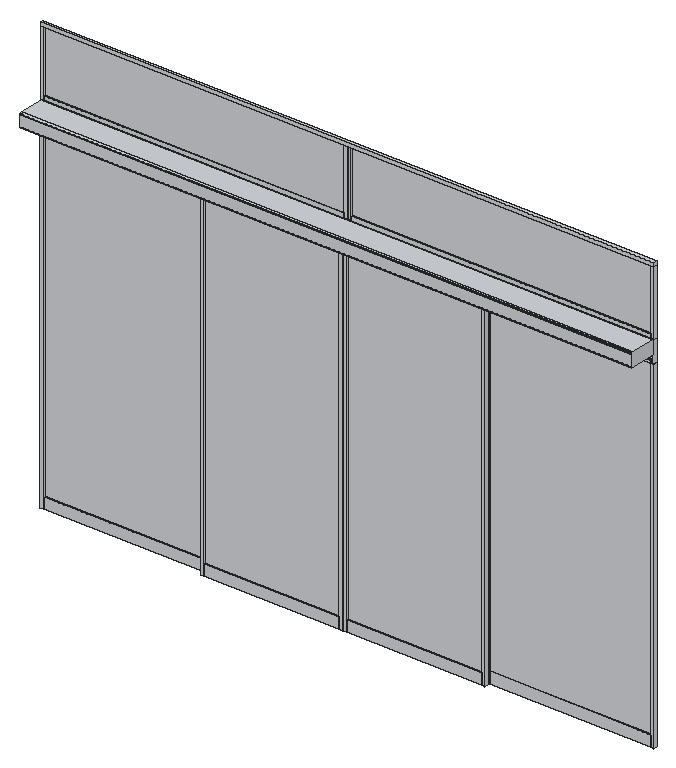
Revit family "SL510 Slim_SlimECO 2-Flg. m.Seitenteile – Laibungsmontage", category Türen, Revit 2018 (continued)
Definition of nested family "Sicherheitsflügel"
  Parameters (values of type "Sicherheitsflügel")
    PSFH = 2508 mm
    Height = 2000 mm
    Glas = none
    Familienversion = "1.0"  # constant formula
    Width = 2290 mm
  Reference planes
    plane 1 "Mitte (Vorne/hinten)": y = -20.5
    plane 2: z = 0
    plane 3 "Mitte (Links/rechts)": x = 0
    plane 4 "Links": x = -500
    plane 5 "Rechts": x = 500
    plane 6 "Oben": z = 2508
    plane 7: z = 8
    plane 8: y = -80.5
    plane 9: y = -70.5
    plane 10: y = -124.5
    plane 11: y = -114.5
    plane 12 "COW": x = -515
    plane 13: y = -110.5
    plane 14: y = -90.5
  Forms (mm)
    Extrusion 1, solid, material <- "Glas", visible <- "Schutzflügel - drehbar"
      sketch origin (0, 0, 0) x (1, 0, 0) y (0, 1, 0)
        loop
          line (-500, -70.5) -> (-500, -80.5) -> (500, -80.5) -> (500, -70.5) -> (-500, -70.5)
      from 8 to 2508 <- "PSFH"
    Extrusion 2, solid, material <- "Glas", visible <- "Schutzflügel - drehbar + Bodenschloß"
      sketch origin (0, -44, 0) x (1, 0, 0) y (0, 1, 0)
        loop
          line (-500, -70.5) -> (-500, -80.5) -> (500, -80.5) -> (500, -70.5) -> (-488, -70.5) -> (-488, -26.5) -> (-498, -26.5) -> (-498, -70.5) -> (-500, -70.5)
      from 8 to 2508 <- "PSFH"
    Extrusion 3, solid, material <- "Glas", visible <- "Schutzflügel - schiebbar"
      sketch origin (0, -20, 0) x (1, 0, 0) y (0, 1, 0)
        loop
          line (-500, -70.5) -> (-500, -90.5) -> (500, -90.5) -> (500, -70.5) -> (-500, -70.5)
      from 8 to 2508 <- "PSFH"
  Lines and regions (mm)
    symbolic lines, visible <- "Schutzflügel - drehbar + Bodenschloß"
      curve 1: arc (-500, -124.5, 0) -> (-423.88, -507.183, 0) -> (-207.107, -831.607, 0) r 1000
      curve 2: line (-207.107, -831.607, 0) -> (500, -124.5, 0)
    symbolic lines, visible <- "Schutzflügel - drehbar"
      curve 3: arc (-500, -80.5, 0) -> (-423.88, -463.183, 0) -> (-207.107, -787.607, 0) r 1000
      curve 4: line (-207.107, -787.607, 0) -> (500, -80.5, 0)
  Dimensions and locks
    equal spacing: plane 5 "Rechts", plane 3 "Mitte (Links/rechts)", plane 4 "Links"
    "PSFW": plane 4 "Links" to plane 5 "Rechts"
    locked: plane 7 to level at 8
    locked: plane 12 "COW" to plane 4 "Links" at 15
    "PSFH": plane 6 "Oben" to level
    "PSFW": curve 4 to curve 4
    "PSFW": curve 2 to curve 2
    "PSFW": radius of curve 3
    "PSFW": radius of curve 1
    locked: Extrusion 2 to curve 2 (angle 45.00°)
    angle Extrusion 1 to curve 4 = 45.00°
    aligned and locked: level to plane 2
    aligned and locked: Extrusion 1 sketch curve to plane 9
    aligned and locked: plane 5 "Rechts" to Extrusion 1 sketch curve
    aligned and locked: plane 8 to Extrusion 1 sketch curve
    aligned and locked: Extrusion 1 sketch curve to plane 4 "Links"
    aligned and locked: Extrusion 1 to plane 7
    aligned and locked: plane 6 "Oben" to Extrusion 1
    aligned and locked: Extrusion 2 sketch curve to plane 11
    aligned and locked: plane 10 to Extrusion 2 sketch curve
    aligned and locked: Extrusion 3 sketch curve to plane 14
    aligned and locked: plane 13 to Extrusion 3 sketch curve
    aligned and locked: plane 6 "Oben" to Extrusion 2
    aligned and locked: Extrusion 2 to plane 7
    aligned and locked: Extrusion 2 to Extrusion 1  (x2)
    aligned and locked: plane 5 "Rechts" to curve 4
    aligned and locked: plane 8 to curve 4
    aligned and locked: plane 5 "Rechts" to curve 2
    aligned and locked: plane 10 to curve 2
    aligned and locked: curve 3 to Extrusion 1
    aligned and locked: plane 4 "Links" to curve 3
    aligned and locked: curve 1 to Extrusion 2
    aligned and locked: plane 4 "Links" to curve 1
  Automatic sketch dimensions
    Extrusion 3 sketch curve to plane 4 "Links" = 0 mm
    Extrusion 3 sketch curve to plane 5 "Rechts" = 0 mm
    Extrusion 2 sketch curve to plane 4 "Links" = 0 mm
    Extrusion 2 sketch curve to plane 9 = 0 mm
    Extrusion 2 sketch curve to plane 5 "Rechts" = 0 mm
    Extrusion 2 sketch curve to plane 4 "Links" = 2 mm
    Extrusion 2 sketch curve to Extrusion 2 sketch curve = 10 mm
    Extrusion 2 sketch curve to plane 11 = 0 mm
    curve 4 to curve 2 = 0 mm
Definition of nested family "Warnung"
  Parameters (values of type "Warnung")
    Warnung Symbol = if(or(Warnung Abmessungen 1, Warnung Abmessungen 2, Warnung Abmessungen 3, Warnung Abmessungen 4), 1 = 1, 1 = 0)  # no
    Warnung Abmessungen 4 = no
    Warnung Abmessungen 3 = no
    Warnung Abmessungen 2 = no
    Warnung Abmessungen 1 = no
    Familienversion = "1.0"  # constant formula
  Reference planes
    plane 1: y = 0
    plane 2: x = 0
  Lines and regions (mm)
    Masking region 1, visible <- "Warnung Symbol"
      outline origin (0, 0, 0) x (1, 0, 0) y (0, 1, 0)
        loop
          line (5, 0) -> (0, 10) -> (-5, 0) -> (5, 0)
        loop
          line (-0.937, 6.25) -> (0, 3.333) -> (0.937, 6.25) -> (-0.937, 6.25)
        loop
          circle (0, 1.667) r 0.937
  Text (mm)
    text "Max./Min. Breite nicht eingehalten" at (0.044, -2.174, 0), visible <- "Warnung Abmessungen 1"
    text "Max./Min. Höhe nicht eingehalten" at (0.044, -4.174, 0), visible <- "Warnung Abmessungen 2"
    text "Max./Min. Breite Seitenteil nicht eingehalten" at (0.044, -6.174, 0), visible <- "Warnung Abmessungen 3"
    text "Max./Min. Höhe OL nicht eingehalten" at (0.044, -8.174, 0), visible <- "Warnung Abmessungen 4"
Types (3, lengths in mm): name | Rough Height | Oberlicht zweigeteilt | Oberlicht Höhe | Oberlicht | OH | Kollisionskörper | Höhe ab FBOK | Height | Dicke
  (no name) | 3361 | no | 500 | yes | 500 | no | 3161 | 3161 | 20
  SL510 Slim_SlimECO 2-Flg. m.Seitenteile u.Oberlichte – Laibungsmontage | 3361 | no | 500 | yes | 500 | no | 3161 | 3161 | 20
  SL510 Slim_SlimECO 2-Flg. m.Seitenteile – Laibungsmontage | 2861 | yes | 0 | no | 250 | yes | 2661 | 2661 | 0
